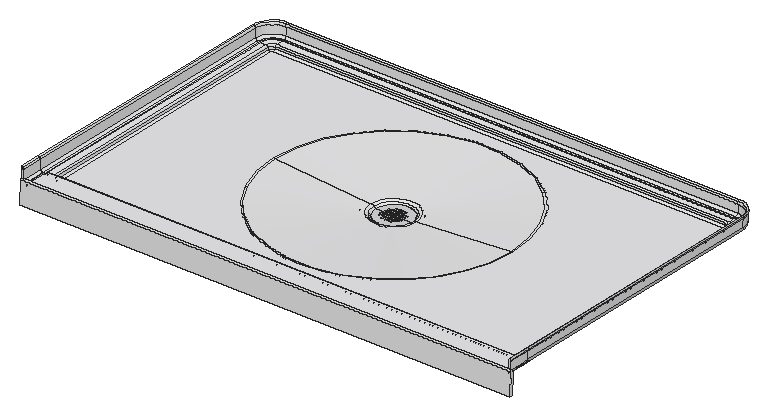
Revit family "Shower-Receptor-STERLING-GUARD-95079_1", category Plumbing Fixtures, host Face, Revit 2017 (continued)
Definition of nested family "95079"
  Lines and regions (in)
    symbolic lines, detail levels medium+fine
      curve 233: arc (29.64986, 0, 2.87402) -> (29.70505, 0, 2.89659) -> (29.72859, 0, 2.95138) r 0.07874
      curve 234: line (0, 18.25013, 3.91367) -> (0, 18.20773, 3.91367)
      curve 235: arc (0, 18.20773, 3.91367) -> (0, 18.17294, 3.91055) -> (0, 18.13927, 3.90127) r 0.19525
      curve 236: arc (0, 18.13927, 3.90127) -> (0, 18.09128, 3.88918) -> (0, 18.0418, 3.88798) r 0.22271
      curve 237: line (0, 18.0418, 3.88798) -> (0, -19.18798, 3.88798)
      curve 238: line (0, -19.41666, 0.60559) -> (0, -19.30602, 3.77399)
      curve 239: arc (0, -19.30602, 3.77399) -> (0, -19.27003, 3.85483) -> (0, -19.18798, 3.88798) r 0.11811
      curve 240: line (0, -19.22788, 2.33685) -> (0, -16.73783, 2.2499)
      curve 241: arc (0, -16.73783, 2.2499) -> (0, -16.65101, 2.21217) -> (0, -16.6132, 2.12538) r 0.12922
      curve 242: arc (0, -16.6132, 2.12538) -> (0, -16.4607, 1.78344) -> (0, -16.11352, 1.64327) r 0.5
      curve 243: line (0, -16.43715, 1.76213) -> (0, -19.37628, 1.76213)
      curve 244: arc (0, -19.36052, 2.21316) -> (0, -19.31982, 2.30248) -> (0, -19.22788, 2.33685) r 0.12825
      curve 245: line (0, -16.11352, 1.64327) -> (0, -12.4156, 1.64327)
      curve 246: line (0, -19.35606, 2.34103) -> (0, 17.57165, 2.34103)
      curve 247: line (0, -12.4156, 1.64327) -> (0, -12.4156, 1.0654)
      curve 248: line (0, -12.32747, 1.0654) -> (0, -12.32747, 1.36251)
      curve 249: line (0, -15.1637, 1.0654) -> (0, -12.16553, 1.0654)
      curve 250: line (0, -12.16553, 0.24182) -> (0, -12.16553, 1.0654)
      curve 251: line (0, -15.1637, 1.0654) -> (0, -15.1637, 0.24182)
      curve 252: line (0, -12.16553, 0.6441) -> (0, -15.1637, 0.6441)
      curve 253: line (0, -15.1637, 0.55274) -> (0, -12.16553, 0.55274)
      curve 254: line (0, -19.41398, 0.68231) -> (0, -15.1637, 0.68231)
      curve 255: line (0, -12.4156, 1.38981) -> (0, -19.38928, 1.38981)
      curve 256: line (0, -15.1637, 1.0654) -> (0, -12.4156, 1.16137)
      curve 257: line (0, -19.40953, 0.80981) -> (0, -15.1637, 0.75603)
      curve 258: line (0, -15.1637, 1.0654) -> (0, -19.39854, 1.12457)
      curve 259: line (0, -3.54566, 0.60559) -> (0, -3.54566, 1.36251)
      curve 260: line (0, -3.64217, 1.36251) -> (0, -3.64217, 0.60559)
      curve 261: line (0, -3.64217, 1.36251) -> (0, -12.32593, 1.46118)
      curve 262: line (0, -12.32593, 1.46118) -> (0, -12.32593, 1.36696)
      curve 263: line (0, -12.16553, 1.0654) -> (0, -3.64217, 0.94471)
      curve 264: line (0, -12.32747, 1.21396) -> (0, -3.64217, 1.10353)
      curve 265: line (0, 3.97868, 1.36251) -> (0, 3.97868, 0.60559)
      curve 266: line (0, 4.07108, 1.36251) -> (0, 4.07108, 0.60559)
      curve 267: line (0, -3.54566, 1.36251) -> (0, 3.97868, 1.36251)
      curve 268: line (0, 7.32514, 0.55274) -> (0, 10.34627, 0.55274)
      curve 269: line (0, 7.32514, 1.0654) -> (0, 10.34627, 1.0654)
      curve 270: line (0, 7.32514, 1.0654) -> (0, 7.32514, 0.24182)
      curve 271: line (0, 10.34627, 0.24182) -> (0, 10.34627, 1.0654)
      curve 272: line (0, 4.07108, 1.36251) -> (0, 13.875, 1.50289)
      curve 273: line (0, -3.54566, 0.94121) -> (0, 3.97868, 0.94121)
      curve 274: line (0, 4.07108, 1.13806) -> (0, 13.875, 1.27844)
      curve 275: line (0, -2.25, 0.248) -> (0, 0, 0.248)
      curve 276: line (0, 0, 0.248) -> (0, 2.25, 0.248)
      curve 277: line (0, -1.98463, -0.31325) -> (0, 0, -0.31325)
      curve 278: line (0, 0, -0.31325) -> (0, 1.98462, -0.31325)
      curve 279: line (0, -1.59029, -1.18256) -> (0, 1.59029, -1.18256)
      curve 280: line (0, -1.98463, 0) -> (0, 2.14923, 0)
      curve 281: line (0, -0.13846, 0) -> (0, -0.13846, -0.31325)
      curve 282: line (0, -1.32449, -0.31325) -> (0, -1.32449, 0)
      curve 283: line (0, -1.46274, -0.31325) -> (0, -1.46274, 0)
      curve 284: arc (0, -1.59029, -0.31325) -> (0, -1.6124, -0.29781) -> (0, -1.63683, -0.28638) r 0.15692
      curve 285: line (0, -1.63683, -0.28638) -> (0, -1.63683, -0.02923)
      curve 286: arc (0, -1.63683, -0.02923) -> (0, -1.64357, -0.01034) -> (0, -1.66075, 0) r 0.02982
      curve 287: line (0, 1.32449, -0.31325) -> (0, 1.32449, 0)
      curve 288: line (0, 1.46274, -0.31325) -> (0, 1.46274, 0)
      curve 289: arc (0, 1.59029, -0.31325) -> (0, 1.6124, -0.29781) -> (0, 1.63683, -0.28638) r 0.15692
      curve 290: line (0, 1.63683, -0.28638) -> (0, 1.63683, -0.02923)
      curve 291: arc (0, 1.63683, -0.02923) -> (0, 1.64357, -0.01034) -> (0, 1.66075, 0) r 0.02982
      curve 292: line (0, 1.32449, -0.31325) -> (0, 1.32449, 0)
      curve 293: line (0, 1.46274, -0.31325) -> (0, 1.46274, 0)
      curve 294: arc (0, 1.59029, -0.31325) -> (0, 1.6124, -0.29781) -> (0, 1.63683, -0.28638) r 0.15692
      curve 295: line (0, 1.63683, -0.28638) -> (0, 1.63683, -0.02923)
      curve 296: arc (0, 1.63683, -0.02923) -> (0, 1.64357, -0.01034) -> (0, 1.66075, 0) r 0.02982
      curve 297: line (0, 0.12084, -0.31325) -> (0, 0.12084, 0)
      curve 298: line (0, 10.34627, 0.65361) -> (0, 7.32514, 0.65361)
      curve 299: line (0, -2.66024, 0.60559) -> (0, 2.66024, 0.60559)
      curve 300: arc (-30, -19.75, 0) -> (-29.78591, -19.6319, 0) -> (-29.70079, -19.40269, 0) r 0.35117
      curve 301: arc (29.69033, -19.40269, 0) -> (29.77899, -19.63535, 0) -> (30, -19.75, 0) r 0.34959
    symbolic lines
      curve 7: circle (0, 0, 0) r 2.75591 normal (0, 0, 1)
      curve 202: line (-27.59134, 16.43189, 0) -> (27.59126, 16.43189, 0)
      curve 203: line (-28.18189, -15.8097, 0) -> (-28.18189, 15.84134, 0)
      curve 204: line (27.59126, -16.40025, 0) -> (-27.59134, -16.40025, 0)
      curve 205: line (28.18181, 15.84134, 0) -> (28.18181, -15.8097, 0)
      curve 206: arc (-28.18189, 15.84134, 0) -> (-28.00892, 16.25892, 0) -> (-27.59134, 16.43189, 0) r 0.59055
      curve 207: arc (28.18181, 15.84134, 0) -> (28.00884, 16.25892, 0) -> (27.59126, 16.43189, 0) r 0.59055
      curve 208: arc (27.59126, -16.40025, 0) -> (28.00884, -16.22728, 0) -> (28.18181, -15.8097, 0) r 0.59055
      curve 209: arc (-27.59134, -16.40025, 0) -> (-28.00892, -16.22728, 0) -> (-28.18189, -15.8097, 0) r 0.59055
  Dimensions and locks (in)
    level to plane 8 = 4.17803"
    plane 7 to plane 5 = 38"
    aligned and locked: plane 2 to level
  Automatic sketch dimensions
    plane 4 to Sweep 1 sketch curve = 2.16419"
    Sweep 1 sketch curve to Sweep 1 sketch curve = 0.22749"
    plane 6 to Sweep 1 sketch curve = 2.23277"
    Sweep 1 sketch curve to Sweep 1 sketch curve = 0.06858"
    Sweep 1 sketch curve to plane 5 = 2.39155"
    Sweep 1 sketch curve to plane 7 = 2.70012"
    Sweep 1 sketch curve to plane 7 = 2 179/256"
    profile plane to Sweep 1 sketch curve = 0"
    Sweep 1 sketch curve to profile plane = 0.05791"
    Sweep 1 sketch curve to profile plane = 0.06132"
    Sweep 1 sketch curve to Sweep 1 sketch curve = 0.24814"
    Sweep 1 sketch curve to Sweep 1 sketch curve = 0.02703"
    Sweep 1 sketch curve to Sweep 1 sketch curve = 0.17638"
    Sweep 1 sketch curve to Sweep 1 sketch curve = 0.21086"
    Sweep 1 sketch curve to Sweep 1 sketch curve = 0.01307"
    Sweep 1 sketch curve to Sweep 1 sketch curve = 0.00142"
    Sweep 1 sketch curve to Sweep 1 sketch curve = 0.1116"
    Sweep 1 sketch curve to Sweep 1 sketch curve = 0.12708"
    Sweep 1 sketch curve to Sweep 1 sketch curve = 0.55837"
    Sweep 1 sketch curve to Sweep 1 sketch curve = 0.02781"
    Sweep 1 sketch curve to Sweep 1 sketch curve = 0.1049"
    Sweep 1 sketch curve to Sweep 1 sketch curve = 0.13726"
    Sweep 1 sketch curve to Sweep 1 sketch curve = 0.29511"
    Sweep 1 sketch curve to Sweep 1 sketch curve = 0.00757"
    Sweep 1 sketch curve to Sweep 1 sketch curve = 0.24996"
    Sweep 1 sketch curve to Sweep 1 sketch curve = 0.01765"
    Sweep 1 sketch curve to Sweep 1 sketch curve = 0.2121"
    Sweep 1 sketch curve to Sweep 1 sketch curve = 0.21197"
    Sweep 1 sketch curve to Sweep 1 sketch curve = 0.04446"
    Sweep 1 sketch curve to Sweep 1 sketch curve = 0.15964"
    Sweep 1 sketch curve to Sweep 1 sketch curve = 0.00395"
    Sweep 1 sketch curve to Sweep 1 sketch curve = 0.12857"
    level to Sweep 1 sketch curve = 1.30303"
    Sweep 1 sketch curve to Sweep 1 sketch curve = 0.08274"
    Sweep 1 sketch curve to Sweep 1 sketch curve = 0.2575"
    Sweep 1 sketch curve to Sweep 1 sketch curve = 0.21185"
    Sweep 1 sketch curve to Sweep 1 sketch curve = 0.19725"
    Sweep 1 sketch curve to Sweep 1 sketch curve = 0.02228"
    Sweep 1 sketch curve to Sweep 1 sketch curve = 0.09088"
    Sweep 1 sketch curve to Sweep 1 sketch curve = 0.10648"
    Sweep 1 sketch curve to Sweep 1 sketch curve = 0.11159"
    Sweep 1 sketch curve to Sweep 1 sketch curve = 0.02435"
    Sweep 1 sketch curve to Sweep 1 sketch curve = 0.06476"
    Sweep 1 sketch curve to Sweep 1 sketch curve = 0.21022"
    Sweep 1 sketch curve to Sweep 1 sketch curve = 0.24564"
    Sweep 1 sketch curve to Sweep 1 sketch curve = 0.00387"
    Sweep 1 sketch curve to Sweep 1 sketch curve = 0.88955"
    Sweep 1 sketch curve to Sweep 1 sketch curve = 0.11093"
    Sweep 1 sketch curve to Sweep 1 sketch curve = 0.00007"
    Sweep 1 sketch curve to Sweep 1 sketch curve = 0.00279"
    Sweep 1 sketch curve to Sweep 1 sketch curve = 0.0037"
    Sweep 1 sketch curve to Sweep 1 sketch curve = 0.12963"
    Extrusion 2 sketch curve to level = 0"
    Extrusion 2 sketch curve to plane 7 = 0"
    Extrusion 2 sketch curve to plane 7 = 0.09589"
    Extrusion 2 sketch curve to Extrusion 2 sketch curve = 0.13295"
    Extrusion 2 sketch curve to plane 7 = 0.31219"
    Extrusion 2 sketch curve to plane 10 = 0.12571"
    Extrusion 2 sketch curve to Extrusion 2 sketch curve = 0.13285"
    Extrusion 2 sketch curve to plane 10 = 0.21195"
    Extrusion 2 sketch curve to Extrusion 2 sketch curve = 0.00452"
    Extrusion 2 sketch curve to plane 7 = 0.38948"
    Extrusion 2 sketch curve to Extrusion 2 sketch curve = 0.1149"
    Extrusion 2 sketch curve to Extrusion 2 sketch curve = 0.12817"  (x2)
    plane 11 to Extrusion 2 sketch curve = 0.09967"
    Extrusion 2 sketch curve to Extrusion 2 sketch curve = 0.00448"
    plane 11 to Extrusion 2 sketch curve = 0.23454"
    Extrusion 2 sketch curve to Extrusion 2 sketch curve = 2.46802"
    Extrusion 2 sketch curve to Extrusion 2 sketch curve = 0.01752"
    plane 11 to Extrusion 2 sketch curve = 0.18662"
    Extrusion 2 sketch curve to Extrusion 2 sketch curve = 0.02203"
    plane 11 to Extrusion 2 sketch curve = 0.19176"
    Extrusion 2 sketch curve to Extrusion 2 sketch curve = 0.32641"
    plane 11 to Extrusion 2 sketch curve = 0.38756"
    Extrusion 2 sketch curve to Extrusion 2 sketch curve = 0.02404"
    Extrusion 2 sketch curve to Extrusion 2 sketch curve = 0.21909"
    Extrusion 2 sketch curve to Extrusion 2 sketch curve = 0.05476"
    Extrusion 2 sketch curve to Extrusion 2 sketch curve = 0.32265"
    Extrusion 2 sketch curve to Extrusion 2 sketch curve = 0.40568"
    Extrusion 2 sketch curve to Extrusion 2 sketch curve = 0.21185"
    Extrusion 2 sketch curve to Extrusion 2 sketch curve = 0.08122"
    Extrusion 2 sketch curve to Extrusion 2 sketch curve = 0.06741"
    Extrusion 2 sketch curve to plane 10 = 0.13267"
    plane 4 to Extrusion 3 sketch curve = 2.16419"
    Extrusion 3 sketch curve to Extrusion 3 sketch curve = 0.22749"
    plane 1 "Center (Front/Back)" to Extrusion 3 sketch curve = 0.00952"
    Extrusion 3 sketch curve to plane 3 "Center (Left/Right)" = 0.13255"
    plane 6 to Extrusion 3 sketch curve = 2.23277"
    Extrusion 3 sketch curve to Extrusion 3 sketch curve = 0.06858"
    Extrusion 3 sketch curve to plane 7 = 3.90436"
    Extrusion 3 sketch curve to plane 5 = 2.39155"
    plane 11 to Extrusion 4 sketch curve = 0.17174"
    Extrusion 4 sketch curve to plane 7 = 2 75/128"
    Extrusion 4 sketch curve to Extrusion 4 sketch curve = 0.42172"
    plane 11 to Extrusion 4 sketch curve = 0.18662"
    Extrusion 4 sketch curve to Extrusion 4 sketch curve = 0.00451"
    Extrusion 4 sketch curve to Extrusion 4 sketch curve = 0.62882"
    Extrusion 4 sketch curve to Extrusion 4 sketch curve = 0.19946"
    plane 11 to Extrusion 4 sketch curve = 0.29325"
    Extrusion 4 sketch curve to Extrusion 4 sketch curve = 0.12914"
    Extrusion 4 sketch curve to Extrusion 4 sketch curve = 1/2"
    Extrusion 4 sketch curve to Extrusion 4 sketch curve = 0.84346"
    Extrusion 5 sketch curve to plane 4 = 0"
    plane 10 to Extrusion 5 sketch curve = 0.00036"
    plane 4 to Extrusion 5 sketch curve = 0.06072"
    plane 4 to Extrusion 5 sketch curve = 0.06266"
    Extrusion 5 sketch curve to plane 10 = 0.10305"
    Extrusion 5 sketch curve to Extrusion 5 sketch curve = 0.42986"
    Extrusion 5 sketch curve to Extrusion 5 sketch curve = 0.3342"
    plane 11 to Extrusion 5 sketch curve = 0.10126"
    Extrusion 5 sketch curve to Extrusion 5 sketch curve = 0.1049"
    plane 11 to Extrusion 5 sketch curve = 0.29328"
    Extrusion 5 sketch curve to Extrusion 5 sketch curve = 0.57212"
    plane 11 to Extrusion 5 sketch curve = 0.16602"
    Extrusion 5 sketch curve to Extrusion 5 sketch curve = 0.01406"
    plane 11 to Extrusion 5 sketch curve = 0.27767"
    plane 11 to Extrusion 5 sketch curve = 0.38415"
    Extrusion 5 sketch curve to Extrusion 5 sketch curve = 0.01307"
    Extrusion 5 sketch curve to Extrusion 5 sketch curve = 0.4624"
    plane 11 to Extrusion 5 sketch curve = 0.79325"
    Extrusion 5 sketch curve to Extrusion 5 sketch curve = 0.2575"
    Revolve 7 sketch curve to plane 3 "Center (Left/Right)" = 0"  (x2)
    Revolve 7 sketch curve to plane 9 = 0"
    level to Revolve 7 sketch curve = 0.5955"
    Revolve 7 sketch curve to Revolve 7 sketch curve = 1.95665"
    Revolve 7 sketch curve to Revolve 7 sketch curve = 0.23085"
    Revolve 7 sketch curve to Revolve 7 sketch curve = 0.04907"
    Revolve 7 sketch curve to Revolve 7 sketch curve = 0.0925"
    Revolve 7 sketch curve to Revolve 7 sketch curve = 0.25671"
    Extrusion 8 sketch curve to plane 3 "Center (Left/Right)" = 1.2"
    Extrusion 8 sketch curve to Extrusion 8 sketch curve = 0"  (x2)
    Extrusion 8 sketch curve to Extrusion 8 sketch curve = 0.05023"  (x20)
    Extrusion 8 sketch curve to Extrusion 8 sketch curve = 0.05201"  (x22)
    Extrusion 8 sketch curve to Extrusion 8 sketch curve = 0.30524"  (x15)
    Extrusion 8 sketch curve to Extrusion 8 sketch curve = 0.00164"  (x12)
    Extrusion 8 sketch curve to Extrusion 8 sketch curve = 0.30509"  (x5)
    Extrusion 8 sketch curve to Extrusion 8 sketch curve = 13/256"  (x13)
    Extrusion 8 sketch curve to Extrusion 8 sketch curve = 0.04915"  (x9)
    Extrusion 8 sketch curve to Extrusion 8 sketch curve = 0.14005"
    Extrusion 8 sketch curve to Extrusion 8 sketch curve = 3/32"  (x11)
    Extrusion 8 sketch curve to Extrusion 8 sketch curve = 37/256"
    Extrusion 8 sketch curve to Extrusion 8 sketch curve = 0.00449"
    Extrusion 8 sketch curve to Extrusion 8 sketch curve = 0.0909"  (x3)
    Extrusion 8 sketch curve to Extrusion 8 sketch curve = 0.04748"
    Extrusion 8 sketch curve to Extrusion 8 sketch curve = 0.05687"
    plane 3 "Center (Left/Right)" to Extrusion 8 sketch curve = 0.14571"
    plane 3 "Center (Left/Right)" to Extrusion 8 sketch curve = 0.14881"
    plane 3 "Center (Left/Right)" to Extrusion 8 sketch curve = 0.15262"  (x3)
    Extrusion 8 sketch curve to Extrusion 8 sketch curve = 0.00691"
    plane 3 "Center (Left/Right)" to Extrusion 8 sketch curve = 0.15425"
    Extrusion 8 sketch curve to Extrusion 8 sketch curve = 0.05119"
    Extrusion 8 sketch curve to Extrusion 8 sketch curve = 0.09402"
    Extrusion 8 sketch curve to Extrusion 8 sketch curve = 0.00149"
    Extrusion 8 sketch curve to Extrusion 8 sketch curve = 0.07946"
    Extrusion 8 sketch curve to Extrusion 8 sketch curve = 0.09062"  (x2)
    Extrusion 8 sketch curve to Extrusion 8 sketch curve = 0.0128"
    plane 1 "Center (Front/Back)" to Extrusion 8 sketch curve = 1.196"
    Extrusion 8 sketch curve to Extrusion 8 sketch curve = 0.30632"  (x8)
    Extrusion 8 sketch curve to Extrusion 8 sketch curve = 0.00055"  (x8)
    Extrusion 8 sketch curve to Extrusion 8 sketch curve = 0.08975"  (x3)
    Extrusion 8 sketch curve to Extrusion 8 sketch curve = 0.0875"  (x5)
    Extrusion 8 sketch curve to plane 1 "Center (Front/Back)" = 0.14922"  (x3)
    Extrusion 8 sketch curve to Extrusion 8 sketch curve = 0.0935"  (x5)
    Extrusion 8 sketch curve to Extrusion 8 sketch curve = 0.09"
    Extrusion 8 sketch curve to Extrusion 8 sketch curve = 0.30565"
    Extrusion 8 sketch curve to Extrusion 8 sketch curve = 0.00609"
    Extrusion 9 sketch curve to plane 4 = 0"
    Extrusion 9 sketch curve to plane 8 = 0"
    Extrusion 9 sketch curve to plane 4 = 0.11518"
    Extrusion 9 sketch curve to Extrusion 9 sketch curve = 0.00395"
    Extrusion 9 sketch curve to Extrusion 9 sketch curve = 0.12857"
    plane 4 to Extrusion 9 sketch curve = 0.04446"
    plane 4 to Extrusion 9 sketch curve = 0.06252"
    Extrusion 9 sketch curve to Extrusion 9 sketch curve = 0.21197"
    Extrusion 9 sketch curve to plane 10 = 0.07534"
    Extrusion 9 sketch curve to Extrusion 9 sketch curve = 0.21155"
    plane 11 to Extrusion 9 sketch curve = 0.09548"
    plane 4 to Extrusion 9 sketch curve = 0.47115"
    Extrusion 9 sketch curve to plane 10 = 0.0951"
    Extrusion 9 sketch curve to Extrusion 9 sketch curve = 0.2273"
    Extrusion 9 sketch curve to plane 11 = 0.11652"
    Extrusion 9 sketch curve to Extrusion 9 sketch curve = 0.05289"
    Extrusion 9 sketch curve to Extrusion 9 sketch curve = 0.26581"
    Extrusion 9 sketch curve to plane 8 = 0.48594"
    Extrusion 9 sketch curve to Extrusion 9 sketch curve = 0.11093"
    Extrusion 9 sketch curve to Extrusion 9 sketch curve = 0.00007"
    Extrusion 9 sketch curve to Extrusion 9 sketch curve = 0.00279"
    Extrusion 9 sketch curve to Extrusion 9 sketch curve = 0.0037"
    plane 8 to Extrusion 10 sketch curve = 0.06938"
    plane 7 to Extrusion 10 sketch curve = 0.42088"
    Extrusion 10 sketch curve to plane 7 = 0.13484"
    Extrusion 10 sketch curve to plane 7 = 0.20468"
    plane 11 to Extrusion 10 sketch curve = 0.1891"
    plane 6 to Extrusion 11 sketch curve = 0"
    Extrusion 11 sketch curve to plane 10 = 0.00036"
    Extrusion 11 sketch curve to plane 6 = 0.06072"
    Extrusion 11 sketch curve to plane 6 = 0.06266"
    plane 10 to Extrusion 11 sketch curve = 0.10305"
    Extrusion 11 sketch curve to Extrusion 11 sketch curve = 0.42986"
    Extrusion 11 sketch curve to Extrusion 11 sketch curve = 0.3342"
    Extrusion 11 sketch curve to plane 11 = 0.10126"
    Extrusion 11 sketch curve to Extrusion 11 sketch curve = 0.1049"
    Extrusion 11 sketch curve to plane 11 = 0.29328"
    Extrusion 11 sketch curve to Extrusion 11 sketch curve = 0.57212"
    Extrusion 11 sketch curve to plane 11 = 0.16602"
    Extrusion 11 sketch curve to Extrusion 11 sketch curve = 0.01406"
    Extrusion 11 sketch curve to plane 11 = 0.27767"
    Extrusion 11 sketch curve to plane 11 = 0.38415"
    Extrusion 11 sketch curve to Extrusion 11 sketch curve = 0.01307"
    Extrusion 11 sketch curve to Extrusion 11 sketch curve = 0.4624"
    Extrusion 11 sketch curve to plane 11 = 0.79325"
    Extrusion 11 sketch curve to Extrusion 11 sketch curve = 0.2575"
    plane 6 to Extrusion 12 sketch curve = 0"
    Extrusion 12 sketch curve to plane 8 = 0"
    plane 6 to Extrusion 12 sketch curve = 0.11518"
    Extrusion 12 sketch curve to Extrusion 12 sketch curve = 0.00395"
    Extrusion 12 sketch curve to Extrusion 12 sketch curve = 0.12857"
    Extrusion 12 sketch curve to plane 6 = 0.04446"
    Extrusion 12 sketch curve to plane 6 = 0.06252"
    Extrusion 12 sketch curve to Extrusion 12 sketch curve = 0.21197"
    plane 10 to Extrusion 12 sketch curve = 0.07534"
    Extrusion 12 sketch curve to Extrusion 12 sketch curve = 0.21155"
    Extrusion 12 sketch curve to plane 11 = 0.09548"
    Extrusion 12 sketch curve to plane 6 = 0.47115"
    plane 10 to Extrusion 12 sketch curve = 0.0951"
    Extrusion 12 sketch curve to Extrusion 12 sketch curve = 0.2273"
    plane 11 to Extrusion 12 sketch curve = 0.11652"
    Extrusion 12 sketch curve to Extrusion 12 sketch curve = 0.05289"
    Extrusion 12 sketch curve to Extrusion 12 sketch curve = 0.26581"
    plane 8 to Extrusion 12 sketch curve = 0.48594"
    Extrusion 12 sketch curve to Extrusion 12 sketch curve = 0.11093"
    Extrusion 12 sketch curve to Extrusion 12 sketch curve = 0.00007"
    Extrusion 12 sketch curve to Extrusion 12 sketch curve = 0.00279"
    Extrusion 12 sketch curve to Extrusion 12 sketch curve = 0.0037"
    plane 11 to Extrusion 13 sketch curve = 1.07401"  (x2)
    plane 4 to Extrusion 13 sketch curve = 2.74392"
    plane 11 to Extrusion 13 sketch curve = 0.67439"  (x2)
    Extrusion 13 sketch curve to Extrusion 13 sketch curve = 0.01216"  (x2)
    Extrusion 13 sketch curve to Extrusion 13 sketch curve = 9.62298"
    level to Extrusion 13 sketch curve = 0.6633"  (x2)
    Extrusion 13 sketch curve to plane 3 "Center (Left/Right)" = 4.26672"
    level to Extrusion 13 sketch curve = 0.96933"  (x2)
    Extrusion 13 sketch curve to Extrusion 13 sketch curve = 0.00931"
    Extrusion 13 sketch curve to Extrusion 13 sketch curve = 0.27772"
    level to Extrusion 13 sketch curve = 0.80981"
    plane 3 "Center (Left/Right)" to Extrusion 13 sketch curve = 4.011"
    Extrusion 13 sketch curve to Extrusion 13 sketch curve = 0.24641"
    Extrusion 13 sketch curve to Extrusion 13 sketch curve = 0.25572"
    plane 6 to Extrusion 13 sketch curve = 12.37905"
    plane 6 to Extrusion 13 sketch curve = 2.75607"
    Extrusion 13 sketch curve to Extrusion 13 sketch curve = 0.20422"
    plane 1 "Center (Front/Back)" to Extrusion 14 sketch curve = 0"
    Extrusion 14 sketch curve to plane 3 "Center (Left/Right)" = 0"
    level to Extrusion 15 sketch curve = 0.6441"  (x2)
    plane 4 to Extrusion 15 sketch curve = 12.49965"
    level to Extrusion 15 sketch curve = 1.14327"  (x2)
    Extrusion 15 sketch curve to Extrusion 15 sketch curve = 0.01521"  (x2)
    level to Extrusion 15 sketch curve = 0.55274"  (x2)
    Extrusion 15 sketch curve to Extrusion 15 sketch curve = 2.99861"
    Extrusion 15 sketch curve to Extrusion 15 sketch curve = 0.018"  (x2)
    level to Extrusion 15 sketch curve = 0.72751"
    Extrusion 15 sketch curve to plane 3 "Center (Left/Right)" = 1 1/2"
    plane 3 "Center (Left/Right)" to Extrusion 15 sketch curve = 1 1/2"
    Extrusion 15 sketch curve to Extrusion 15 sketch curve = 12.98375"
    Extrusion 15 sketch curve to Extrusion 15 sketch curve = 3.00139"
    level to Extrusion 15 sketch curve = 0.24182"
    level to Extrusion 16 sketch curve = 0.6441"  (x2)
    plane 4 to Extrusion 16 sketch curve = 12.49965"
    level to Extrusion 16 sketch curve = 1.14327"  (x2)
    Extrusion 16 sketch curve to Extrusion 16 sketch curve = 0.01521"  (x2)
    level to Extrusion 16 sketch curve = 0.55274"  (x2)
    Extrusion 16 sketch curve to Extrusion 16 sketch curve = 2.99861"
    Extrusion 16 sketch curve to Extrusion 16 sketch curve = 0.018"  (x2)
    level to Extrusion 16 sketch curve = 0.72751"
    Extrusion 16 sketch curve to plane 3 "Center (Left/Right)" = 1 1/2"
    plane 3 "Center (Left/Right)" to Extrusion 16 sketch curve = 1 1/2"
    Extrusion 16 sketch curve to Extrusion 16 sketch curve = 12.98375"
    Extrusion 16 sketch curve to Extrusion 16 sketch curve = 3.00139"
    level to Extrusion 16 sketch curve = 0.24182"
    Masking region 1 sketch curve to plane 4 = 0"
    Masking region 1 sketch curve to plane 6 = 0"
    plane 7 to Masking region 1 sketch curve = 0"
    Masking region 1 sketch curve to plane 5 = 0"
    Masking region 2 sketch curve to plane 4 = 0"
    Masking region 2 sketch curve to level = 0"  (x2)
    plane 3 "Center (Left/Right)" to Masking region 2 sketch curve = 1.52335"
    Masking region 2 sketch curve to plane 9 = 0"
    plane 6 to Masking region 2 sketch curve = 0"
    Masking region 2 sketch curve to plane 8 = 0"
    Masking region 2 sketch curve to level = 0.05059"  (x2)
    Masking region 2 sketch curve to plane 3 "Center (Left/Right)" = 2.04486"
    Masking region 2 sketch curve to level = 0.04881"  (x2)
    Masking region 2 sketch curve to Masking region 2 sketch curve = 0.051"  (x2)
    Masking region 2 sketch curve to level = 0.31325"  (x2)
    Masking region 2 sketch curve to Masking region 2 sketch curve = 0.00923"  (x2)
    Masking region 2 sketch curve to plane 9 = 0.06694"  (x2)
    Masking region 2 sketch curve to Masking region 2 sketch curve = 0.39434"  (x2)
    Masking region 2 sketch curve to Masking region 2 sketch curve = 0.06694"  (x2)
    curve 226 to plane 4 = 0"
    curve 224 to level = 0"
    curve 233 to plane 10 = 0"
    plane 6 to curve 231 = 0"
    curve 226 to plane 8 = 0"
    curve 231 to plane 8 = 0"
    curve 225 to plane 4 = 0.11913"
    curve 226 to curve 225 = 0.12857"
    plane 4 to curve 227 = 0.25643"
    plane 10 to curve 227 = 0.07737"
    plane 4 to curve 227 = 0.27141"
    curve 227 to curve 229 = 0.07873"
    curve 217 to level = 0.03394"
    curve 217 to plane 3 "Center (Left/Right)" = 1.65778"
    curve 217 to curve 216 = 0.03675"
    curve 215 to curve 215 = 0.03074"
    curve 221 to level = 0.28251"
    plane 3 "Center (Left/Right)" to curve 221 = 1.59029"
    curve 221 to curve 222 = 0.03074"
    curve 223 to level = 0.03394"
    curve 222 to curve 223 = 0.03675"
    plane 10 to curve 233 = 0.07874"
    plane 6 to curve 233 = 0.35014"
    plane 10 to curve 232 = 0.07737"
    plane 6 to curve 232 = 0.25643"
    curve 230 to plane 6 = 0.11913"
    curve 230 to curve 231 = 0.12857"
    curve 226 to plane 8 = 0.48594"
    curve 231 to plane 8 = 0.48594"
    curve 231 to curve 230 = 0.11093"
    curve 226 to curve 225 = 0.11093"
    curve 232 to curve 231 = 0.23882"
    curve 227 to curve 226 = 0.23882"
    curve 224 to curve 217 = 0.5538"
    curve 210 to curve 216 = 0.36359"
    curve 211 to plane 9 = 0.06694"
    curve 215 to curve 211 = 0"
    curve 215 to curve 214 = 0.10236"
    curve 214 to curve 213 = 0.15492"
    curve 212 to plane 3 "Center (Left/Right)" = 0.19685"
    plane 3 "Center (Left/Right)" to curve 218 = 0.19685"
    curve 219 to curve 223 = 0.28801"
    curve 220 to curve 223 = 0.1331"
    curve 221 to curve 211 = 0"
    curve 221 to curve 210 = 0.36359"
    curve 210 to curve 224 = 0.33135"
    Masking region 3 sketch curve to level = 0"  (x3)
    Masking region 3 sketch curve to plane 7 = 0"
    Masking region 3 sketch curve to plane 8 = 0"
    plane 9 to Masking region 3 sketch curve = 0"
    Masking region 3 sketch curve to plane 1 "Center (Front/Back)" = 0"
    Masking region 3 sketch curve to plane 7 = 0.13927"
    Masking region 3 sketch curve to plane 7 = 0.31219"
    Masking region 3 sketch curve to plane 7 = 0.33334"
    Masking region 3 sketch curve to Masking region 3 sketch curve = 0.19673"
    level to Masking region 3 sketch curve = 0.24182"  (x2)
    Masking region 3 sketch curve to Masking region 3 sketch curve = 4.25296"
    level to Masking region 3 sketch curve = 0.60559"  (x4)
    Masking region 3 sketch curve to Masking region 3 sketch curve = 2.99817"
    plane 1 "Center (Front/Back)" to Masking region 3 sketch curve = 2.66024"
    level to Masking region 3 sketch curve = 0.39364"  (x2)
    Masking region 3 sketch curve to Masking region 3 sketch curve = 0.21194"  (x2)
    Masking region 3 sketch curve to Masking region 3 sketch curve = 0.19829"  (x2)
    Masking region 3 sketch curve to Masking region 3 sketch curve = 0.08941"
    Masking region 3 sketch curve to Masking region 3 sketch curve = 0.35161"
    Masking region 3 sketch curve to level = 0.04964"  (x2)
    Masking region 3 sketch curve to Masking region 3 sketch curve = 0.11709"  (x2)
    Masking region 3 sketch curve to level = 0.0479"  (x2)
    Masking region 3 sketch curve to level = 0.31325"  (x2)
    Masking region 3 sketch curve to Masking region 3 sketch curve = 0.00927"  (x2)
    Masking region 3 sketch curve to Masking region 3 sketch curve = 0.39434"  (x2)
    Masking region 3 sketch curve to Masking region 3 sketch curve = 0.06694"  (x2)
    Masking region 3 sketch curve to plane 1 "Center (Front/Back)" = 1.52335"
    Masking region 3 sketch curve to Masking region 3 sketch curve = 0.05318"
    Masking region 3 sketch curve to Masking region 3 sketch curve = 0.15332"
    Masking region 3 sketch curve to Masking region 3 sketch curve = 4.6649"
    Masking region 3 sketch curve to Masking region 3 sketch curve = 3.02113"
    Masking region 3 sketch curve to Masking region 3 sketch curve = 3.52873"
    plane 11 to Masking region 3 sketch curve = 0.39878"
    Masking region 3 sketch curve to plane 5 = 2.12168"
    plane 11 to Masking region 3 sketch curve = 0.87071"
    Masking region 3 sketch curve to Masking region 3 sketch curve = 0.02473"
    plane 11 to Masking region 3 sketch curve = 0.45637"
    plane 11 to Masking region 3 sketch curve = 0.26991"
    Masking region 3 sketch curve to Masking region 3 sketch curve = 0.02289"
    plane 11 to Masking region 3 sketch curve = 0.16691"
    Masking region 3 sketch curve to Masking region 3 sketch curve = 0.10425"
    Masking region 3 sketch curve to Masking region 3 sketch curve = 0.01298"
    plane 11 to Masking region 3 sketch curve = 0.10116"
    Masking region 3 sketch curve to Masking region 3 sketch curve = 0.59458"
    Masking region 3 sketch curve to plane 5 = 0.82792"
    Masking region 3 sketch curve to Masking region 3 sketch curve = 0.10431"
    Masking region 3 sketch curve to Masking region 3 sketch curve = 0.29242"
    Masking region 3 sketch curve to plane 5 = 0.0618"
    Masking region 3 sketch curve to plane 5 = 0.04436"
    plane 5 to Masking region 3 sketch curve = 0.00013"
    plane 5 to Masking region 3 sketch curve = 0.11924"
    Masking region 3 sketch curve to plane 9 = 0.06694"  (x2)
    Masking region 3 sketch curve to Masking region 3 sketch curve = 0.15859"  (x2)
    Masking region 3 sketch curve to Masking region 3 sketch curve = 0.49725"  (x2)
    Masking region 3 sketch curve to Masking region 3 sketch curve = 0.93126"
    Masking region 3 sketch curve to plane 10 = 0.06878"
    Masking region 3 sketch curve to plane 8 = 0.37655"
    Masking region 3 sketch curve to Masking region 3 sketch curve = 0.00286"
    Masking region 3 sketch curve to Masking region 3 sketch curve = 0.19685"
    Masking region 3 sketch curve to Masking region 3 sketch curve = 0"  (x2)
    plane 11 to Masking region 3 sketch curve = 0.93363"
    curve 289 to curve 294 = 0"  (x2)
    curve 291 to curve 296 = 0"  (x2)
    curve 280 to level = 0"
    curve 278 to plane 1 "Center (Front/Back)" = 0"
    curve 275 to plane 1 "Center (Front/Back)" = 0"
    curve 285 to level = 0.02923"
    plane 1 "Center (Front/Back)" to curve 285 = 1.63683"
    curve 286 to curve 285 = 0.02982"
    curve 284 to curve 284 = 0.05403"
    plane 11 to curve 267 = 1.07401"
    curve 267 to curve 286 = 1.8849"
    plane 11 to curve 261 = 1.07401"
    curve 261 to curve 259 = 0.09652"
    level to curve 263 = 1.0654"
    curve 263 to plane 7 = 7.58447"
    curve 262 to curve 249 = 0.16041"
    curve 247 to curve 261 = 0.08967"
    curve 251 to curve 247 = 2.7481"
    plane 11 to curve 242 = 0.29325"
    curve 242 to curve 249 = 0.94982"
    plane 11 to curve 240 = 0.18662"
    curve 240 to curve 242 = 0.62431"
    curve 241 to curve 241 = 0.00451"
    curve 239 to plane 7 = 0.56202"
    plane 11 to curve 240 = 0.09967"
    curve 240 to plane 7 = 0.52212"
    curve 244 to curve 244 = 0.00448"
    curve 238 to curve 239 = 0.11804"
    curve 295 to level = 0.02923"
    curve 295 to plane 1 "Center (Front/Back)" = 1.63683"
    curve 290 to curve 291 = 0.02982"
    curve 294 to curve 289 = 0.05403"
    curve 291 to curve 267 = 2.31793"
    curve 265 to curve 266 = 0.0924"
    level to curve 270 = 1.0654"
    curve 274 to curve 270 = 3.25406"
    curve 269 to curve 269 = 3.02113"
    curve 237 to plane 5 = 0.2082"
    curve 236 to plane 8 = 0.06819"
    curve 236 to plane 5 = 0.18882"
    curve 235 to plane 5 = 0.04227"
    curve 285 to curve 286 = 0.25715"
    curve 290 to curve 291 = 0.25715"
    curve 277 to level = 0.31325"
    curve 294 to curve 294 = 0.14732"
    curve 284 to curve 284 = 0.12045"
    level to curve 276 = 0.248"
    curve 265 to curve 266 = 0"  (x2)
    curve 248 to curve 261 = 0.39578"
    curve 261 to curve 247 = 0.18209"
    curve 241 to curve 241 = 0.12914"
    curve 244 to curve 244 = 0.12817"
    curve 235 to curve 236 = 0.39142"
    curve 239 to plane 8 = 0.40816"
    curve 239 to curve 238 = 0.00412"
    curve 236 to curve 234 = 0.0124"
    plane 1 "Center (Front/Back)" to curve 281 = 0.13846"
    curve 285 to curve 282 = 0.31234"
    curve 284 to curve 283 = 0.12755"
    curve 279 to plane 9 = 0.06694"
    curve 284 to curve 279 = 0.10057"
    curve 280 to curve 286 = 0.31798"
    curve 277 to curve 280 = 0"
    curve 275 to curve 280 = 0.26538"
    curve 299 to curve 275 = 0.41024"
    curve 247 to curve 248 = 0.08813"
    curve 243 to curve 242 = 0.32362"
    plane 11 to curve 246 = 0.09548"
    curve 244 to curve 246 = 0.00447"
    curve 255 to plane 7 = 0.36072"
    curve 258 to curve 255 = 0.00926"
    curve 257 to curve 258 = 0.01099"
    curve 254 to curve 257 = 0.00445"
    curve 238 to curve 254 = 0.00268"
    curve 297 to plane 1 "Center (Front/Back)" = 0.12084"
    curve 287 to curve 290 = 0.31234"
    curve 292 to curve 287 = 0"
    curve 288 to curve 289 = 0.12755"
    curve 293 to curve 288 = 0"
    curve 279 to curve 294 = 0.10057"
    curve 289 to curve 278 = 0.29377"
    curve 278 to curve 280 = 0.16461"
    curve 280 to curve 276 = 0.10077"
    curve 276 to curve 299 = 0.41024"
    plane 11 to curve 272 = 0.93363"
    curve 269 to curve 272 = 3.52873"
    plane 11 to curve 274 = 1.15808"
    curve 274 to curve 272 = 0"
    curve 246 to plane 5 = 0.67835"
    plane 5 to curve 234 = 0.00013"
    level to curve 250 = 0.24182"
    level to curve 271 = 0.24182"
    level to curve 251 = 0.24182"
    level to curve 270 = 0.24182"
    curve 253 to curve 254 = 0.12956"
    curve 270 to curve 268 = 0.31092"
    curve 276 to curve 299 = 0.35759"
    level to curve 259 = 0.60559"
    curve 260 to curve 259 = 0"
    level to curve 266 = 0.60559"
    curve 252 to curve 254 = 0.03821"
    curve 268 to curve 298 = 0.10087"
    curve 254 to curve 257 = 0.07372"
    curve 259 to curve 273 = 0.33562"
    curve 273 to curve 263 = 0.0035"
    curve 263 to curve 264 = 0.15882"
    curve 273 to curve 274 = 0.19685"
    curve 247 to curve 256 = 0.09597"
    curve 256 to curve 264 = 0.05259"
    curve 248 to curve 255 = 0.02731"
    curve 248 to curve 262 = 0.00445"
    Extrusion 17 sketch curve to plane 4 = 0"
    Extrusion 17 sketch curve to plane 6 = 0"
    plane 5 to Extrusion 17 sketch curve = 0.00013"
    Extrusion 17 sketch curve to plane 7 = 0"
    level to Extrusion 18 sketch curve = 0.6633"
    Extrusion 18 sketch curve to plane 7 = 3.09217"
    Extrusion 18 sketch curve to plane 5 = 1.57677"
    plane 11 to Extrusion 18 sketch curve = 0.16337"
    plane 4 to Extrusion 20 sketch curve = 1.81811"
    Extrusion 20 sketch curve to plane 7 = 3.34975"
    plane 6 to Extrusion 20 sketch curve = 1.81819"
    Extrusion 20 sketch curve to plane 5 = 1.81811"
    plane 4 to Extrusion 21 sketch curve = 1.81811"
    plane 6 to Extrusion 21 sketch curve = 1.81875"
    plane 7 to Extrusion 21 sketch curve = 1.76836"
    Extrusion 21 sketch curve to plane 7 = 3.34975"
    Extrusion 22 sketch curve to plane 7 = 0"
    Extrusion 22 sketch curve to level = 0"
    Extrusion 22 sketch curve to plane 7 = 0.31219"
    Extrusion 22 sketch curve to plane 11 = 0.43184"
    plane 1 "Center (Front/Back)" to Extrusion 23 sketch curve = 0"
    Extrusion 23 sketch curve to plane 3 "Center (Left/Right)" = 0"
    Revolve 6 sketch curve to Revolve 6 sketch curve = 0"  (x4)
    Revolve 6 sketch curve to level = 0"
    Revolve 6 sketch curve to plane 9 = 0"
    Revolve 6 sketch curve to plane 3 "Center (Left/Right)" = 0"  (x2)
    Revolve 6 sketch curve to plane 3 "Center (Left/Right)" = 0.80856"
    Revolve 6 sketch curve to plane 9 = 1/8"
    Revolve 6 sketch curve to Revolve 6 sketch curve = 1.3924"
    level to Revolve 6 sketch curve = 0.17459"
    Revolve 6 sketch curve to Revolve 6 sketch curve = 0.03538"
    Revolve 6 sketch curve to Revolve 6 sketch curve = 0.07221"
    Revolve 6 sketch curve to Revolve 6 sketch curve = 0.13095"
    Revolve 6 sketch curve to plane 9 = 0.06694"
    Revolve 6 sketch curve to Revolve 6 sketch curve = 0.06694"
    Revolve 6 sketch curve to level = 0.31325"
    Revolve 6 sketch curve to Revolve 6 sketch curve = 0.39434"
    Revolve 6 sketch curve to level = 0.0479"
    Revolve 6 sketch curve to Revolve 6 sketch curve = 0.00927"
    Revolve 6 sketch curve to level = 0.04964"
    Revolve 6 sketch curve to Revolve 6 sketch curve = 0.05067"
    Revolve 6 sketch curve to Revolve 6 sketch curve = 0.00252"
    level to Revolve 6 sketch curve = 0.08941"
    Revolve 6 sketch curve to Revolve 6 sketch curve = 0.11709"
    level to Revolve 6 sketch curve = 0.61811"
    Revolve 6 sketch curve to Revolve 6 sketch curve = 0.14029"
    level to Revolve 6 sketch curve = 0.39364"
    Revolve 6 sketch curve to Revolve 6 sketch curve = 0.19829"
    level to Revolve 6 sketch curve = 0.83385"
    Revolve 6 sketch curve to Revolve 6 sketch curve = 0.21573"
    level to Revolve 6 sketch curve = 0.58637"
    Revolve 6 sketch curve to Revolve 6 sketch curve = 0.19273"
    Revolve 6 sketch curve to Revolve 6 sketch curve = 0.16272"
    Revolve 6 sketch curve to Revolve 6 sketch curve = 0.0524"
    Revolve 6 sketch curve to Revolve 6 sketch curve = 0.149"
    plane 11 to Revolve 6 sketch curve = 0.79325"
    Revolve 6 sketch curve to Revolve 6 sketch curve = 11.58007"
    Revolve 6 sketch curve to Revolve 6 sketch curve = 0.11379"
    Revolve 6 sketch curve to Revolve 6 sketch curve = 0.8868"
    Revolve 6 sketch curve to level = 0.00973"
    Revolve 6 sketch curve to Revolve 6 sketch curve = 0.15859"
    Revolve 6 sketch curve to Revolve 6 sketch curve = 0.21512"
    Revolve 6 sketch curve to Revolve 6 sketch curve = 0.10904"
    Revolve 6 sketch curve to Revolve 6 sketch curve = 0.38541"
    Revolve 6 sketch curve to Revolve 6 sketch curve = 0.01315"
    Revolve 6 sketch curve to Revolve 6 sketch curve = 0.09788"
    Revolve 6 sketch curve to Revolve 6 sketch curve = 0.21185"
    plane 9 to Revolve 6 sketch curve = 0.23465"
    plane 10 to Revolve 6 sketch curve = 1/2"
    curve 7 to curve 178 = 0"
    curve 7 to curve 179 = 0"
    curve 7 to curve 185 = 0"
    curve 8 to curve 9 = 0"  (x2)
    curve 8 to curve 180 = 0"
    curve 8 to curve 183 = 0"
    curve 9 to curve 185 = 0"
    curve 178 to curve 181 = 0"
    curve 178 to curve 182 = 0"
    curve 179 to curve 180 = 0"
    curve 179 to curve 181 = 0"
    curve 179 to curve 182 = 0"
    curve 179 to curve 183 = 0"
    curve 180 to curve 181 = 0"
    curve 180 to curve 184 = 0"
    curve 180 to curve 185 = 0"
    curve 182 to curve 183 = 0"
    curve 182 to curve 184 = 0"
    curve 182 to curve 185 = 0"
    curve 300 to plane 4 = 0"
    plane 1 "Center (Front/Back)" to curve 188 = 0"
    plane 1 "Center (Front/Back)" to curve 178 = 0"
    curve 178 to plane 3 "Center (Left/Right)" = 0"
    curve 200 to plane 3 "Center (Left/Right)" = 0"
    curve 194 to plane 3 "Center (Left/Right)" = 0"
    plane 1 "Center (Front/Back)" to curve 192 = 0"
    curve 301 to plane 6 = 0"
    plane 7 to curve 301 = 0"
    plane 7 to curve 300 = 0"
    curve 300 to plane 4 = 0.05196"
    plane 4 to curve 2 = 0.29921"
    curve 5 to curve 203 = 0.92835"
    curve 206 to curve 202 = 0.59055"
    curve 203 to curve 209 = 0.59055"
    curve 186 to plane 1 "Center (Front/Back)" = 0.0977"
    curve 186 to plane 3 "Center (Left/Right)" = 1.31063"
    curve 186 to curve 74 = 0.11063"
    curve 187 to curve 195 = 0.11063"
    curve 66 to curve 74 = 0"
    curve 170 to curve 78 = 0"
    curve 66 to curve 69 = 0.05023"
    curve 74 to curve 77 = 0.05023"
    curve 176 to curve 176 = 0.05023"
    curve 174 to curve 174 = 0.05201"
    curve 66 to curve 70 = 0.05201"
    curve 195 to curve 78 = 0.05201"
    curve 81 to plane 1 "Center (Front/Back)" = 0.14922"
    curve 80 to curve 81 = 0.30524"
    curve 176 to curve 177 = 0.30524"
    curve 69 to curve 69 = 0.30524"
    curve 81 to curve 68 = 0.00164"
    curve 174 to curve 172 = 0.30509"
    curve 79 to curve 172 = 0"
    curve 73 to curve 67 = 13/256"
    curve 81 to curve 75 = 13/256"
    curve 175 to curve 171 = 0.04915"
    curve 67 to curve 58 = 3/32"
    curve 69 to curve 10 = 37/256"
    curve 173 to curve 114 = 37/256"
    curve 175 to curve 162 = 3/32"
    curve 81 to curve 82 = 3/32"
    curve 82 to curve 85 = 0.05023"
    curve 10 to curve 16 = 0.05023"
    curve 58 to curve 61 = 0.05023"
    curve 168 to curve 168 = 0.05023"
    curve 114 to curve 120 = 0.05023"
    curve 10 to curve 12 = 0.05201"
    curve 166 to curve 166 = 0.05201"
    curve 114 to curve 116 = 0.05201"
    curve 58 to curve 60 = 0.05201"
    curve 82 to curve 86 = 0.05201"
    curve 85 to plane 1 "Center (Front/Back)" = 0.2"
    curve 88 to curve 85 = 0.30524"
    curve 120 to curve 117 = 0.30524"
    curve 61 to curve 61 = 0.30524"
    curve 16 to curve 13 = 0.30524"
    curve 168 to curve 165 = 0.30524"
    curve 84 to curve 84 = 0.30509"
    curve 164 to curve 87 = 0"
    curve 61 to curve 15 = 0.00164"
    curve 89 to curve 60 = 0.00164"
    curve 169 to curve 116 = 0.00164"
    curve 65 to curve 59 = 13/256"
    curve 15 to curve 11 = 0.04915"
    curve 121 to curve 115 = 13/256"
    curve 167 to curve 163 = 0.04915"
    curve 89 to curve 83 = 13/256"
    curve 167 to curve 154 = 0.0909"
    curve 89 to curve 90 = 0.0909"
    curve 63 to curve 50 = 0.0909"
    curve 15 to curve 18 = 3/32"
    curve 115 to curve 122 = 3/32"
    curve 96 to curve 96 = 0.05023"
    curve 154 to curve 157 = 0.05023"
    curve 56 to curve 56 = 0.05023"
    curve 94 to curve 94 = 0.05201"
    curve 154 to curve 158 = 0.05201"
    curve 54 to curve 54 = 0.05201"
    curve 128 to curve 128 = 0.05023"
    curve 24 to curve 24 = 0.05023"
    curve 18 to curve 22 = 0.05201"
    curve 122 to curve 124 = 0.05201"
    curve 128 to curve 198 = 0.04854"
    curve 24 to curve 189 = 0.04854"
    plane 3 "Center (Left/Right)" to curve 97 = 0.15262"
    plane 3 "Center (Left/Right)" to curve 157 = 0.15262"
    plane 3 "Center (Left/Right)" to curve 57 = 0.15262"
    plane 3 "Center (Left/Right)" to curve 156 = 0.15425"
    curve 97 to curve 55 = 0.00164"
    curve 92 to curve 156 = 0"
    curve 21 to curve 25 = 0.05422"
    curve 125 to curve 129 = 0.05422"
    curve 53 to curve 20 = 0.00448"
    curve 161 to curve 124 = 0.00448"
    curve 95 to curve 91 = 0.04915"
    curve 159 to curve 155 = 0.04915"
    curve 57 to curve 51 = 13/256"
    curve 129 to curve 123 = 13/256"
    curve 23 to curve 19 = 0.04915"
    curve 123 to curve 130 = 0.08778"
    curve 25 to curve 26 = 0.08778"
    curve 51 to curve 42 = 3/32"
    curve 155 to curve 146 = 3/32"
    curve 91 to curve 98 = 0.09568"
    curve 130 to curve 136 = 0.05023"
    curve 26 to curve 29 = 0.05023"
    curve 134 to curve 134 = 0.05201"
    curve 26 to curve 30 = 0.05201"
    curve 146 to curve 149 = 0.05023"
    curve 42 to curve 45 = 0.05023"
    curve 42 to curve 46 = 0.05201"
    curve 146 to curve 150 = 0.05201"
    curve 98 to curve 104 = 0.05023"
    curve 98 to curve 102 = 0.05201"
    curve 32 to curve 29 = 0.30524"
    curve 133 to curve 133 = 0.30524"
    curve 134 to curve 135 = 0.30509"
    curve 28 to curve 28 = 0.30509"
    curve 28 to curve 49 = 0.00149"
    curve 135 to curve 153 = 0.00149"
    curve 150 to curve 148 = 0.30509"
    curve 46 to curve 47 = 0.30509"
    curve 44 to curve 105 = 0.00029"
    curve 151 to curve 103 = 0.00193"
    curve 33 to curve 27 = 13/256"
    curve 137 to curve 131 = 13/256"
    curve 47 to curve 43 = 0.04915"
    curve 153 to curve 147 = 13/256"
    curve 103 to curve 99 = 0.04915"
    curve 103 to curve 106 = 0.0887"
    curve 147 to curve 138 = 0.09062"
    curve 43 to curve 34 = 0.09062"
    curve 112 to curve 109 = 0.05023"
    curve 138 to curve 141 = 0.05023"
    curve 34 to curve 40 = 0.05023"
    curve 110 to curve 110 = 0.05201"
    curve 34 to curve 36 = 0.05201"
    curve 142 to curve 140 = 0.05201"
    curve 144 to curve 145 = 0.30524"
    curve 112 to curve 109 = 0.30524"
    curve 40 to curve 41 = 0.30524"
    curve 109 to curve 36 = 0.00164"
    curve 142 to curve 140 = 0.30509"
    curve 108 to curve 140 = 0"
    curve 113 to curve 196 = 13/256"
    curve 41 to curve 35 = 13/256"
    curve 111 to curve 191 = 0.04915"
    curve 145 to curve 139 = 13/256"
    curve 190 to curve 192 = 0.11035"
    plane 6 to curve 204 = 2.40874"
    plane 6 to curve 202 = 2.40874"
    curve 208 to curve 205 = 0.59055"
    curve 1 to plane 5 = 0.29921"
    plane 6 to curve 1 = 0.90022"
    curve 301 to plane 6 = 0.03993"
    curve 204 to plane 7 = 3.34975"
    plane 1 "Center (Front/Back)" to curve 198 = 1.3003"
    curve 200 to curve 201 = 0.10055"
    curve 199 to curve 133 = 0.10055"
    curve 199 to curve 199 = 0.10055"
    curve 117 to curve 122 = 0.05023"
    curve 120 to curve 118 = 0.304"
    curve 130 to curve 130 = 0.304"
    curve 122 to curve 115 = 0.00287"
    curve 135 to curve 141 = 0.1429"
    curve 118 to curve 173 = 0.14576"
    curve 116 to curve 165 = 3/32"
    curve 135 to curve 149 = 3/32"
    curve 127 to curve 157 = 3/32"
    curve 146 to curve 146 = 0.304"
    curve 162 to curve 162 = 0.304"
    curve 138 to curve 151 = 0.00287"
    curve 154 to curve 167 = 0.00287"
    curve 174 to curve 187 = 0.24782"
    curve 151 to curve 100 = 0.08725"
    curve 166 to curve 84 = 0.08725"
    curve 172 to curve 76 = 0.08725"
    curve 156 to curve 92 = 0.08725"
    curve 140 to curve 108 = 0.08725"
    plane 1 "Center (Front/Back)" to curve 191 = 0.0977"
    curve 91 to plane 1 "Center (Front/Back)" = 0.14922"
    curve 190 to curve 196 = 0.05152"
    curve 105 to curve 106 = 0.00055"
    curve 101 to curve 44 = 0.0935"
    curve 97 to curve 52 = 0.0935"
    curve 109 to curve 36 = 0.0935"
    curve 85 to curve 60 = 0.0935"
    curve 81 to curve 68 = 0.0935"
    curve 47 to curve 43 = 0.30632"
    curve 71 to curve 73 = 0.30632"
    curve 35 to curve 35 = 0.30632"
    curve 51 to curve 48 = 0.00055"
    curve 65 to curve 50 = 0.00055"
    curve 53 to curve 20 = 3/32"
    curve 61 to curve 12 = 3/32"
    curve 48 to curve 28 = 3/32"
    curve 15 to curve 17 = 0.30632"
    curve 23 to curve 25 = 0.30632"
    curve 31 to curve 33 = 0.30632"
    curve 17 to curve 18 = 0.00055"
    curve 21 to curve 194 = 0.10055"
    curve 205 to curve 6 = 1.5189"
    curve 203 to curve 206 = 0"
    curve 66 to curve 178 = 0.00092"
    curve 170 to curve 182 = 0.00092"
    curve 117 to curve 183 = 0.00856"
    curve 17 to curve 179 = 0.00856"
    curve 181 to curve 29 = 0.00837"
    curve 185 to curve 136 = 0.00837"
    curve 184 to curve 141 = 0.1195"
    curve 180 to curve 37 = 0.1195"
    curve 2 to curve 5 = 0.59055"
    Revolve 19 sketch curve to level = 0"
    Revolve 19 sketch curve to plane 9 = 0"
    Revolve 19 sketch curve to plane 3 "Center (Left/Right)" = 0"  (x2)
    Revolve 19 sketch curve to level = 0.31325"
    Revolve 19 sketch curve to plane 3 "Center (Left/Right)" = 1.59029"
    Revolve 19 sketch curve to Revolve 19 sketch curve = 0.39434"
    Revolve 19 sketch curve to Revolve 19 sketch curve = 0.26538"
    level to Revolve 19 sketch curve = 0.2773"
    Revolve 19 sketch curve to Revolve 19 sketch curve = 0.06694"
    plane 8 to Revolve 19 sketch curve = 0.74177"
    radius of Extrusion 3 sketch curve = 15.34488"
    radius of Extrusion 14 sketch curve = 3.38038"
    radius of Extrusion 23 sketch curve = 0.3937"
    radius of curve 7 = 2.75591"
    radius of curve 8 = 2.66816"
    radius of curve 9 = 1.77165"
